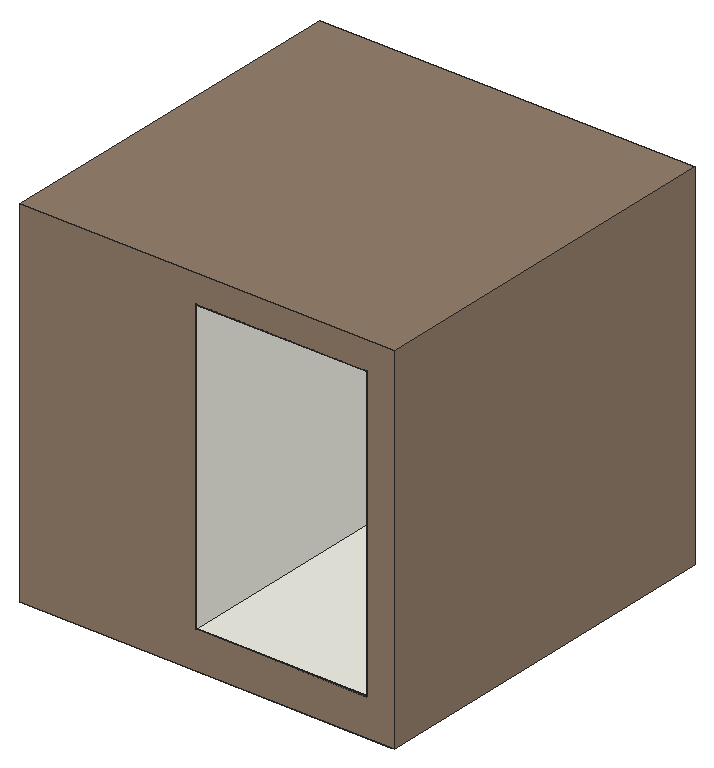
Revit family "Elan_Rottet_SideTable_Square_Open_Asymmetrical", category Furniture, Revit 2010
Parameters
  Width = 1' - 8"  # constant formula
  URL = "http://elanbydecca.com/"
  Veneer Interior [instance] = Furniture - DECCA (Elan) - Rottet - Veneer Interior
  Veneer Exterior [instance] = Furniture - DECCA (Elan) - Rottet - Veneer Exterior
  Base [instance] = Furniture - DECCA (Elan) - Rottet - Base
  Product URL = "http://elanbydecca.com/PDFs/elan_tearsheet-rottet.pdf"
  Model = "LR ST201"
  Manufacturer = "Decca Contract"
  Height = 1' - 8"  # constant formula
  Description = "Elan Rottet Side Table, Square, Assymetrical"
  Depth = 1' - 8"  # constant formula
  Assembly Description = "Furniture & Accessories"
  Assembly Code = "E2020200"
Reference planes (in)
  plane 1 "Center Front/Back": y = -0.7524
  plane 2: z = 0
  plane 3 "Center Left/Right": x = 0
  plane 4 "L": x = -12
  plane 5 "R": x = 8
  plane 6 "F": y = -10.7524
  plane 7: y = 9.2476
  plane 8: through (-6.25338, 2.33237, 23.38953) normal (0.4297, -0.4297, 0.7941)
  plane 9: z = 20
  plane 10: z = 1
  plane 11: z = 0.25
  plane 12: y = -9.7524
  plane 13: y = 8.2476
  plane 14: x = -11
  plane 15: x = -8
  plane 16: y = -6.7524
  plane 17: y = 5.2476
  plane 18: x = 7
  plane 19: x = 4
  plane 20: x = 6.5
  plane 21: x = 6.53125
  plane 22: z = 3
  plane 23: z = 18.5
  plane 24: z = 18.53125
  plane 25: z = 2.96875
  plane 26: x = -2.59375
  plane 27: x = -2.5625
  plane 28: x = -2.59375
Forms (in)
  Extrusion 1, solid, material "Furniture - DECCA (Elan) - Rottet - Base" <- "Base"
    sketch origin (0, 0, 15.25) x (-1, 0, 0) y (0, -1, 0)
      loop
        line (8, -5.2476) -> (8, 6.7524) -> (-4, 6.7524) -> (-4, -5.2476) -> (8, -5.2476)
      loop
        line (11, -8.2476) -> (11, 9.7524) -> (-7, 9.7524) -> (-7, -8.2476) -> (11, -8.2476)
    from -15 to -14.25
  Extrusion 2, solid, material "Furniture - DECCA (Elan) - Rottet - Base" <- "Base"
    sketch origin (0, 0, 15.25) x (-1, 0, 0) y (0, -1, 0)
      loop
        circle (9.84662, 8.57162) r 0.59375
      loop
        circle (-5.84662, 8.57162) r 0.59375
      loop
        circle (9.84662, -7.06682) r 0.59375
      loop
        circle (-5.84662, -7.06682) r 0.59375
    from -15.25 to -15
  Extrusion 3, solid, material "Furniture - DECCA (Elan) - Rottet - Veneer Exterior" <- "Veneer Exterior"
    sketch origin (0, -0.7524, 0) x (1, 0, 0) y (0, 0, 1)
      loop
        line (-12, 20) -> (-12, 1) -> (8, 1) -> (8, 20) -> (-12, 20)
      loop
        line (6.53125, 18.53125) -> (-2.59375, 18.53125) -> (-2.59375, 2.96875) -> (6.53125, 2.96875) -> (6.53125, 18.53125)
    from -10 to 10
  Extrusion 4, solid, material "Furniture - DECCA (Elan) - Rottet - Veneer Interior" <- "Veneer Interior"
    sketch origin (0, -0.7524, 0) x (1, 0, 0) y (0, 0, 1)
      loop
        line (-2.59375, 18.53125) -> (-2.59375, 2.96875) -> (6.53125, 2.96875) -> (6.53125, 18.53125) -> (-2.59375, 18.53125)
      loop
        line (-2.5625, 18.5) -> (-2.5625, 3) -> (6.5, 3) -> (6.5, 18.5) -> (-2.5625, 18.5)
    from -10 to 10
Cuts and joins
  joined: Extrusion 1, Extrusion 2
Dimensions and locks (in)
  equal spacing: plane 7, plane 1 "Center Front/Back", plane 6 "F"
  "Width": plane 4 "L" to plane 5 "R"
  "Depth": plane 7 to plane 6 "F"
  "Height": plane 9 to level
  locked: plane 13 to plane 7 at 1
  locked: plane 12 to plane 6 "F" at 1
  locked: plane 17 to plane 13 at 3
  locked: plane 16 to plane 12 at 3
  locked: plane 18 to plane 19 at 3
  locked: plane 18 to plane 5 "R" at 1
  locked: plane 21 to plane 20 at 0.03125
  locked: plane 21 to plane 5 "R" at 1.46875
  plane 10 to plane 11 to level = 0' - 0 3/4" locked, 0' - 0 1/4" locked
  locked: plane 22 to plane 10 at 2
  plane 9 to plane 24 to plane 23 = 0' - 1 15/32" locked, 0' - 0 1/32" locked
  locked: plane 22 to plane 25 at 0.03125
  locked: plane 14 to Extrusion 2 sketch curve at 1.15338  (x2)
  locked: Extrusion 2 sketch curve to plane 13 at 1.18078  (x2)
  locked: Extrusion 2 sketch curve to plane 18 at 1.15338  (x2)
  locked: Extrusion 2 sketch curve to plane 12 at 1.18078  (x2)
  aligned and locked: plane 17 to Extrusion 1 sketch curve
  aligned and locked: plane 13 to Extrusion 1 sketch curve
  aligned and locked: Extrusion 1 sketch curve to plane 14
  aligned and locked: plane 18 to Extrusion 1 sketch curve
  aligned and locked: Extrusion 1 sketch curve to plane 12
  aligned and locked: Extrusion 1 sketch curve to plane 16
  aligned and locked: Extrusion 1 sketch curve to plane 15
  aligned and locked: plane 19 to Extrusion 1 sketch curve
  aligned and locked: Extrusion 1 to plane 11
  aligned and locked: plane 10 to Extrusion 1
  aligned and locked: Extrusion 2 to level
  aligned and locked: plane 11 to Extrusion 2
  aligned and locked: Extrusion 3 sketch curve to plane 4 "L"
  aligned and locked: Extrusion 3 sketch curve to plane 10
  aligned and locked: Extrusion 3 sketch curve to plane 9
  aligned and locked: plane 5 "R" to Extrusion 3 sketch curve
  aligned and locked: plane 21 to Extrusion 3 sketch curve
  aligned and locked: Extrusion 3 sketch curve to plane 25
  aligned and locked: Extrusion 3 sketch curve to plane 24
  aligned and locked: plane 7 to Extrusion 3
  aligned and locked: Extrusion 3 to plane 6 "F"
  aligned and locked: Extrusion 4 sketch curve to plane 24
  aligned and locked: Extrusion 4 sketch curve to plane 23
  aligned and locked: plane 21 to Extrusion 4 sketch curve
  aligned and locked: plane 20 to Extrusion 4 sketch curve
  aligned and locked: Extrusion 4 sketch curve to plane 22
  aligned and locked: Extrusion 4 sketch curve to plane 25
  aligned and locked: plane 7 to Extrusion 4
  aligned and locked: Extrusion 4 to plane 6 "F"
Automatic sketch dimensions
  plane 14 to Extrusion 3 sketch curve = 0' - 8 13/32"
  Extrusion 4 sketch curve to plane 26 = 0' - 0"
  Extrusion 4 sketch curve to plane 27 = 0' - 0"
  radius of Extrusion 2 sketch curve = 0' - 0 19/32"  (x4)
